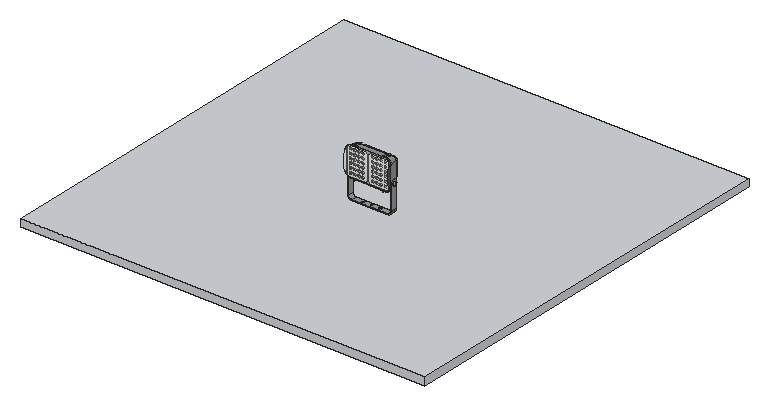
Revit family "HDL106N", category Lighting Fixtures, host Face, Revit 2014
Parameters (values of type "HDL106N")
  Wings = Paint - Hubbell - Light Silver
  Width = 280.00 mm
  Watts = 70 W
  Wattage Comments = "70w"
  Wattage = 27 W
  Warranty = "5 years Warranty"  # constant formula
  built-in parameter 1150110 = 1 (stored number, unit not read)
  Voltage = 120 V
  URL = "https://www.hubbell.com/chalmit/en"
  built-in parameter 1114217 = 1 (stored number, unit not read)
  Tilt Angle = 90.00°  # constant formula
  built-in parameter 1150109 = 1 (stored number, unit not read)
  built-in parameter 1150134 = 3
  built-in parameter 1150113 = 1 (stored number, unit not read)
  Reflector Finish = Hubbell - White Glass
  Product Link = "https://www.hubbell.com/chalmit/en/Products/Lighting-Controls/Harsh-Hazardous-Lighting/Flood-Lighting/HDL106N/p/2306549"
  Product Documentation Link = "https://hubbellcdn.com/specsheet/HDL106N_Zone1_Datasheet_V2.pdf"
  Power Factor = 1
  Photometric Web File = "CHL_HDL106N0xMxWx04.ies"
  Pendent Height [instance] = 97.00 mm
  built-in parameter 1150142 = "IESNA:LM-63-2002\r\n[TEST]WO-11063\r\n[TESTLAB]LUX-TSI\r\n[ISSUEDATE] 08/12/2017\r\n[TESTDATE] 07/12/2017\r\n[MANUFAC]Chalmit Lighting\r\n[LUMCAT]HDL106N0xMxWx04\r\n[LUMINAIRE]HDL106N Single Head 24 LED Medium Beam Floodlight, PC           \r\n[LAMP]LED\r\n[_LUMTYPE]Floodlight\r\n[_LAMPTYPE]LED\r\n[_LAMPMORE]Light Emitting Diodes, Cool White\r\n[_HAZRATING]Zone 1, Zone 21\r\n[_HAZPRO]Ex e mb, Ex tb, EC, IECEx\r\n[_ENVIRORATING]IP66, IP67\r\n[_AMBIENT]-20°C to +50°C (T4), -20°C to +59.5°C (T3), -20°C to +55°C (T3 LowVoltage)\r\n[_MOUNT]Surface, Stanchion, Stirrup, Spigot\r\n[_KEYWORDS]Column, Mast, Pole\r\n[_DRAWFILE]HDL106N1.dwg\r\nTILT=NONE\r\n1 -1 1 73 25 1 2 0.16 0.23 0.03\r\n1 1 27\r\n0 2.5 5 7.5 10 12.5 15 17.5 20 22.5 25 27.5 30 32.5 35 37.5 40 42.5 45 47.5 50 52.5 55 57.5 60 62.5 65 67.5 70 72.5 75 77.5 80 82.5 85 87.5 90 92.5 95 97.5 100 102.5 105 107.5 110 112.5 115 117.5 120 122.5 125 127.5 130 132.5 135 137.5 140 142.5 145 147.5\r\n 150 152.5 155 157.5 160 162.5 165 167.5 170 172.5 175 177.5 180\r\n0 15 30 45 60 75 90 105 120 135 150 165 180 195 210 225 240 255 270 285 300 315 330 345 360\r\n7167.00 7087.3999 6776.8999 6162.25 5434.2002 4594.9502 3688.3999 2894.8999 2244.6499 1685.60 1224.25 883.55 646.20 497.10 398.85 327.75 274.65 236.10 209.40 188.40 169.70 152.30 137.70 122.90 108.25 94.35 81.35 69.10 57.00 46.05 36.60 26.90 18.50 13.45 \r\n10.00 7.20 6.15 6.20 5.80 5.30 5.45 6.80 7.45 6.80 6.10 5.60 5.30 5.35 4.95 4.60 4.20 3.85 3.70 3.40 3.20 2.90 2.75 3.05 3.30 3.90 4.65 5.80 7.60 11.15 16.90 27.85 47.10 69.30 84.10 92.00 92.85 87.85 84.45\r\n7167.00 7099.5498 6780.25 6194.5498 5467.0498 4603.1001 3707.20 2919.55 2254.1001 1683.40 1226.80 895.00 657.90 503.20 398.45 327.40 274.05 236.20 208.80 187.35 169.30 152.55 137.30 121.90 108.60 95.05 82.40 70.35 58.20 47.20 37.50 28.35 19.40 13.40 9.80 \r\n7.50 6.40 5.90 5.80 5.95 5.75 6.10 6.25 5.95 5.80 5.65 5.35 5.05 4.75 4.45 4.10 3.70 3.45 3.25 3.10 2.80 2.90 3.15 3.35 3.70 4.50 5.80 7.90 11.25 17.05 27.70 46.30 69.05 84.45 92.35 93.05 88.00 84.45\r\n7167.00 7095.0498 6796.2002 6204.2998 5480.7002 4618.75 3704.1001 2907.80 2248.45 1688.15 1238.45 908.35 679.60 517.05 406.95 330.55 277.40 237.05 208.15 186.65 169.05 153.85 138.60 124.05 110.35 97.20 84.10 73.05 61.60 51.25 40.05 29.55 20.85 13.55 9.75 \r\n7.65 6.60 6.00 5.10 5.00 5.10 5.45 5.30 5.00 4.80 4.75 4.65 4.60 4.20 3.75 3.55 3.25 3.15 2.90 2.80 2.65 2.80 2.80 3.20 3.45 4.40 5.70 7.75 11.20 17.15 27.60 46.45 69.15 84.55 92.45 93.75 88.05 84.45\r\n7167.00 7091.25 6800.0498 6214.1499 5492.6001 4625.1499 3699.80 2904.05 2246.75 1687.00 1239.25 914.00 689.05 532.30 421.45 338.80 279.85 239.25 208.95 185.65 166.50 151.15 137.80 125.00 112.50 99.95 87.50 76.75 64.25 51.85 40.40 30.20 21.30 14.40 9.95 \r\n7.65 6.75 6.05 4.80 4.15 3.85 4.15 4.30 4.35 4.65 4.35 3.85 3.60 3.50 3.40 3.15 2.90 2.80 2.50 2.35 2.35 2.45 2.35 2.70 3.35 4.20 5.55 7.65 11.10 17.00 27.50 46.20 69.00 84.65 92.85 94.05 88.30 84.45\r\n7167.00 7092.00 6801.9502 6219.5498 5506.8999 4646.2002 3716.25 2914.70 2249.8501 1681.50 1228.10 900.10 676.25 520.75 412.65 336.40 281.35 241.35 211.25 187.65 168.20 151.85 137.65 124.45 111.80 100.10 88.05 75.05 62.45 51.65 41.75 29.75 21.15 14.30 9.40\r\n 7.50 6.80 6.15 4.80 3.90 3.55 3.50 3.40 3.55 3.85 3.50 3.25 3.20 2.85 2.65 2.55 2.35 2.15 2.00 1.90 1.90 2.00 2.10 2.50 3.10 4.10 5.40 7.60 11.20 16.80 27.30 45.90 69.15 84.75 93.00 94.50 88.80 84.45\r\n7167.00 7084.7002 6796.3501 6217.4502 5517.50 4665.50 3743.1001 2930.30 2254.3501 1679.15 1209.65 877.45 651.60 504.80 403.75 332.60 281.85 245.00 217.05 194.30 176.00 160.20 144.25 129.50 114.90 100.95 86.65 72.80 61.05 50.60 39.25 29.15 20.10 13.25 9.00\r\n 6.80 6.50 6.05 4.85 3.80 3.35 3.25 2.90 2.80 2.90 2.85 2.50 2.20 2.05 2.10 1.95 1.95 1.95 1.80 1.75 1.75 1.85 2.10 2.50 3.15 4.00 5.45 7.55 11.05 16.80 27.10 45.75 68.75 84.75 93.05 94.75 88.75 84.45\r\n7167.00 7075.2002 6779.8501 6206.1001 5512.8999 4672.50 3755.1499 2934.80 2250.80 1665.85 1194.40 859.85 640.80 498.00 400.50 333.00 284.80 249.25 222.15 200.50 182.85 166.75 150.80 135.55 120.25 105.65 89.65 74.60 61.95 50.85 38.60 28.40 19.50 12.85 8.70\r\n 6.85 6.35 5.85 4.90 3.85 3.30 3.10 2.80 2.60 2.75 2.85 2.50 2.15 1.95 1.80 1.90 2.00 1.95 1.80 1.70 1.75 1.80 2.05 2.40 3.00 3.95 5.45 7.50 10.95 16.75 27.00 45.35 68.50 84.50 92.95 94.55 88.20 84.45\r\n7167.00 7090.6499 6791.4502 6207.9502 5515.50 4683.50 3759.95 2944.80 2265.25 1684.65 1213.10 876.05 653.35 505.35 404.10 333.45 283.35 246.40 218.75 196.40 177.90 161.80 146.35 131.50 116.40 102.30 87.80 73.90 61.60 50.80 39.15 28.95 20.05 13.30 9.00 \r\n7.00 6.40 6.00 5.00 3.95 3.40 3.15 2.85 2.85 2.80 2.95 2.45 2.15 2.10 2.05 2.00 2.05 1.95 1.80 1.80 1.75 1.90 2.00 2.45 3.05 4.10 5.35 7.55 11.00 16.60 26.90 45.20 68.20 84.25 92.70 93.85 87.70 84.45\r\n7167.00 7082.7002 6776.1001 6188.6499 5487.6499 4642.5498 3733.25 2933.80 2272.50 1706.50 1243.20 909.15 679.40 524.05 414.35 337.20 281.80 242.25 212.50 189.40 170.40 153.80 139.85 126.00 112.40 100.25 88.00 75.00 63.20 52.30 42.80 31.10 21.90 14.75 \r\n10.00 7.35 6.70 5.95 4.80 3.75 3.40 3.40 3.15 3.40 3.60 3.55 3.10 2.95 2.80 2.70 2.50 2.35 2.15 2.05 1.85 1.90 1.85 2.05 2.55 3.10 4.05 5.50 7.60 11.00 16.55 26.75 45.00 67.95 83.95 92.30 93.25 87.35 84.45\r\n7167.00 7075.1001 6764.4502 6164.50 5466.25 4618.75 3708.50 2920.80 2267.6001 1712.55 1258.40 925.85 695.95 537.25 423.15 339.55 282.30 241.05 210.85 187.10 167.85 152.20 138.75 125.95 113.65 101.45 89.45 78.55 66.15 53.55 42.35 32.05 22.70 15.70 10.80 \r\n8.15 7.00 6.05 4.90 4.00 3.70 3.85 4.10 4.20 4.40 4.40 3.95 3.65 3.50 3.15 2.95 2.80 2.40 2.45 2.25 2.25 2.25 2.40 2.70 3.20 4.15 5.45 7.65 11.00 16.65 26.80 44.80 67.60 83.60 91.95 92.45 87.10 84.45\r\n7167.00 7074.6001 6753.25 6145.3999 5438.3999 4598.0498 3697.50 2917.00 2265.55 1709.95 1254.50 925.35 685.35 524.75 412.55 335.70 280.85 240.05 210.50 188.50 170.90 155.25 140.20 126.20 112.70 99.90 87.05 76.00 64.70 53.70 42.25 32.25 23.40 15.80 11.15 \r\n8.20 6.70 5.85 4.90 4.55 4.75 5.05 5.30 5.20 4.90 4.75 4.70 4.60 4.10 3.75 3.45 3.20 3.05 2.85 2.75 2.60 2.45 2.70 3.00 3.40 4.25 5.50 7.55 11.05 16.65 26.55 44.45 67.35 83.40 91.50 92.30 87.25 84.45\r\n7167.00 7063.4502 6723.3501 6110.75 5409.0498 4587.0498 3699.70 2920.80 2273.30 1714.50 1252.40 899.90 668.55 512.25 406.85 331.90 277.80 239.95 211.45 189.40 171.55 155.70 140.00 125.25 112.40 98.35 85.45 73.25 61.10 49.80 40.85 31.20 22.10 15.40 11.25 \r\n8.00 6.50 5.90 5.65 5.95 6.15 5.90 6.30 6.35 5.90 5.55 5.40 5.00 4.75 4.35 4.05 3.80 3.50 3.45 2.95 2.75 2.65 2.75 3.20 3.60 4.40 5.65 7.75 11.00 16.70 26.60 44.40 67.05 83.20 91.25 92.35 87.30 84.45\r\n7167.00 7037.6499 6695.00 6080.1499 5381.50 4563.5498 3692.8999 2927.1001 2280.1499 1713.95 1242.10 884.50 659.00 509.70 406.20 331.65 276.85 240.30 213.80 191.75 172.10 155.80 140.75 126.10 111.35 97.65 84.25 72.10 60.15 49.00 39.45 28.95 20.35 15.05 \r\n11.70 8.00 6.30 5.55 5.80 5.20 5.05 6.50 7.40 7.45 6.40 5.80 5.40 5.30 5.15 4.55 4.25 3.80 3.65 3.30 3.10 2.75 2.65 2.70 3.05 3.55 4.40 5.80 7.60 11.05 16.70 26.60 44.25 66.85 83.00 91.25 92.10 87.55 84.45\r\n7167.00 7030.8999 6684.6001 6056.3501 5358.2998 4543.5498 3675.75 2909.20 2270.50 1712.10 1250.40 895.20 664.45 513.35 407.05 332.60 277.00 239.25 212.10 190.20 172.05 155.40 139.70 125.20 111.75 97.60 84.60 72.65 60.70 49.60 40.45 30.30 21.80 15.35 11.50\r\n 8.20 6.60 5.80 5.90 6.15 5.85 6.40 6.60 6.25 6.10 5.85 5.55 5.15 4.85 4.45 4.20 3.85 3.50 3.25 2.95 2.70 2.55 2.60 3.10 3.65 4.45 5.70 7.80 11.05 16.70 26.65 44.30 66.75 82.90 91.15 92.05 87.30 84.45\r\n7167.00 7040.3501 6687.0498 6042.7002 5340.2002 4518.3999 3650.8501 2891.50 2264.6001 1717.45 1260.40 922.70 682.50 522.60 411.25 334.35 279.00 238.20 209.55 187.50 170.15 154.90 140.00 125.95 112.35 99.25 86.50 74.90 64.30 53.30 42.85 32.70 23.75 16.00 \r\n11.10 8.35 6.85 6.00 5.40 5.35 5.60 5.85 5.70 5.05 5.00 5.05 4.95 4.55 4.10 3.80 3.60 3.35 3.10 2.80 2.65 2.50 2.35 2.50 2.80 3.40 4.25 5.55 7.75 11.05 16.70 26.55 44.25 66.85 82.75 91.10 92.40 87.35 84.45\r\n7167.00 7019.3501 6661.7998 6024.0498 5314.8501 4492.2998 3621.3501 2868.75 2244.95 1707.75 1260.20 927.95 694.75 533.80 418.10 336.65 280.20 239.30 209.35 185.70 167.20 152.10 138.80 125.40 112.65 101.00 89.70 78.55 67.20 55.95 44.00 32.70 23.80 16.25 \r\n11.00 8.35 7.10 6.25 5.00 4.30 4.25 4.35 4.40 4.65 4.75 4.25 3.95 3.80 3.55 3.25 3.00 2.70 2.30 2.10 2.00 2.10 2.15 2.25 2.65 3.10 4.10 5.50 7.60 11.00 16.75 26.75 44.25 66.90 82.90 91.35 92.55 87.35 84.45\r\n7167.00 7016.9502 6654.2002 6014.25 5304.25 4476.75 3605.05 2851.6499 2227.95 1690.05 1241.15 911.30 679.80 522.35 413.30 336.05 280.45 240.30 209.90 187.20 168.70 152.65 138.55 125.55 113.15 101.15 89.45 79.15 66.75 55.30 44.85 33.00 23.25 16.00 10.40 \r\n8.00 7.05 6.40 5.00 4.10 3.70 3.80 3.70 3.75 3.75 3.50 3.15 2.85 2.40 2.45 2.40 2.20 2.00 1.85 1.80 1.80 1.90 2.15 2.30 3.15 4.05 5.55 7.60 11.15 16.80 26.70 44.60 67.05 82.95 91.35 93.05 87.70 84.45\r\n7167.00 7021.3999 6659.4502 6012.9502 5302.2002 4475.7002 3599.1499 2842.50 2215.3501 1668.35 1215.55 883.00 656.70 508.80 406.20 334.10 282.65 245.15 217.00 194.85 176.40 160.70 146.55 131.45 117.50 103.55 91.45 77.35 64.45 53.10 42.30 31.25 22.20 14.40 \r\n9.70 7.35 6.85 6.40 5.15 3.95 3.40 3.10 2.85 2.75 2.70 2.65 2.45 2.10 2.00 1.95 1.95 1.85 1.80 1.85 1.70 1.80 1.95 1.95 2.45 3.10 4.00 5.45 7.65 11.10 16.90 26.80 44.70 67.25 83.05 91.60 93.30 87.90 84.45\r\n7167.00 7019.3501 6661.0498 6014.9502 5299.2998 4482.00 3604.8999 2842.6499 2206.1001 1652.40 1194.55 866.40 646.40 502.20 404.15 335.50 285.55 249.55 222.65 201.15 183.75 168.50 153.50 138.60 122.90 108.65 94.85 79.40 66.05 54.40 42.90 30.45 21.15 13.65 \r\n9.15 7.20 6.85 6.45 5.10 4.05 3.30 2.90 2.60 2.45 2.50 2.45 2.35 1.95 1.95 1.85 1.85 1.85 1.90 1.80 1.95 1.75 1.90 2.00 2.50 3.10 4.05 5.50 7.70 11.25 16.85 26.85 44.75 67.50 83.25 91.55 93.35 87.40 84.45\r\n7167.00 7040.25 6685.0498 6039.3999 5318.2998 4489.75 3601.6499 2834.00 2198.6499 1654.05 1204.10 874.05 652.20 505.30 404.60 333.75 282.35 245.05 217.25 195.60 177.90 162.05 147.40 133.20 118.20 103.90 91.30 76.55 63.75 52.60 41.85 30.55 21.45 13.85 9.25\r\n 7.15 7.05 6.35 5.05 4.00 3.45 3.05 2.55 2.50 2.70 2.55 2.35 2.00 1.95 1.90 1.85 1.90 1.85 1.70 1.70 1.65 1.80 2.00 2.45 3.10 4.10 5.50 7.70 11.20 16.95 26.95 44.95 67.55 83.35 91.75 92.95 87.00 84.45\r\n7167.00 7056.50 6713.7998 6061.6499 5335.6499 4494.9502 3598.1001 2829.75 2206.30 1665.15 1219.75 895.30 670.25 517.00 409.45 333.65 279.60 240.00 210.15 187.15 168.40 151.95 137.50 124.40 111.65 99.90 88.70 77.60 64.50 53.10 43.40 31.75 22.20 14.75 9.75 \r\n7.50 7.10 6.25 4.95 4.10 3.80 3.80 3.60 3.50 3.40 3.40 3.15 2.95 2.65 2.60 2.50 2.25 2.00 1.95 1.85 1.90 2.00 2.15 2.50 3.10 4.15 5.45 7.70 11.25 16.95 27.10 45.15 67.85 83.55 91.65 92.65 86.90 84.45\r\n7167.00 7068.5498 6729.4502 6089.3501 5357.8999 4511.6499 3608.3999 2840.50 2214.70 1677.95 1237.60 913.60 687.10 530.60 419.90 337.30 278.50 237.05 206.85 183.85 164.80 149.20 135.65 123.55 111.10 99.40 87.95 76.55 66.40 54.05 42.25 31.40 22.20 14.80 \r\n10.00 7.90 7.05 6.35 5.00 4.25 4.25 4.50 4.40 4.55 4.45 4.05 3.70 3.55 3.40 3.30 3.15 2.90 2.60 2.45 2.25 2.30 2.35 2.40 2.70 3.25 4.15 5.60 7.85 11.30 17.00 27.25 45.30 67.95 83.70 91.65 92.25 86.90 84.45\r\n7167.00 7097.9502 6762.75 6131.7998 5402.5498 4545.3999 3637.25 2858.8999 2220.6499 1680.15 1239.70 909.95 685.60 519.60 408.90 330.30 275.90 235.85 206.30 184.80 167.40 152.10 137.55 123.15 109.80 97.00 84.20 73.25 62.65 51.35 41.20 30.55 21.75 13.95 \r\n9.80 7.75 6.75 6.05 5.35 5.40 5.40 5.55 5.35 4.95 4.75 4.85 4.70 4.50 4.05 3.75 3.55 3.35 3.00 2.95 2.80 2.65 2.75 2.80 2.95 3.50 4.40 5.70 7.80 11.30 17.10 27.40 45.55 68.15 83.80 91.75 92.30 87.20 84.45\r\n7167.00 7104.6499 6780.9502 6154.7002 5436.2002 4583.1001 3672.30 2890.00 2243.70 1690.40 1228.25 899.70 657.65 504.55 401.35 328.80 274.45 234.95 207.80 186.85 168.80 152.05 137.00 121.75 107.95 94.65 81.90 70.10 58.35 47.30 38.00 28.95 20.05 13.45 9.85 \r\n7.35 6.45 6.30 6.20 6.30 5.75 6.15 6.45 6.10 5.80 5.65 5.25 5.15 4.85 4.40 4.05 3.60 3.40 3.20 3.00 2.90 2.80 2.95 3.25 3.70 4.45 5.80 7.95 11.25 17.15 27.40 45.60 68.40 84.05 91.85 92.70 87.40 84.45\r\n7167.00 7101.7998 6789.6499 6171.6499 5451.3501 4606.4502 3684.50 2901.55 2252.95 1690.70 1225.90 882.55 647.25 497.50 399.55 327.35 274.50 235.75 209.50 188.70 170.05 152.55 137.55 122.70 108.05 94.35 81.50 69.35 57.45 46.30 36.40 26.60 18.25 13.35 10.00\r\n 7.20 5.95 6.20 5.65 5.25 5.50 6.75 7.50 6.95 5.95 5.50 5.35 5.30 4.85 4.50 4.20 3.80 3.50 3.35 3.10 2.80 2.70 2.95 3.20 3.70 4.55 5.95 7.75 11.20 17.10 27.50 45.70 68.45 84.30 92.10 92.85 88.00 84.45\r\n"
  Mounting = Paint - Hubbell - Light Silver
  Model = "HDL106N"
  Manufacturer = "Chalmit"  # constant formula
  built-in parameter 1150105 = 214.86 (stored number, unit not read)
  Lumens = 2700 lm
  built-in parameter 1150115 = 1 (stored number, unit not read)
  Load Classification = Lighting
  built-in parameter 1150137 = (empty or 0)
  built-in parameter 1150139 = (empty or 0)
  Length = 265.00 mm
  built-in parameter 1150112 = 1 (stored number, unit not read)
  built-in parameter 1150114 = 1 (stored number, unit not read)
  Lamp = "LED"  # constant formula
  built-in parameter 1150132 = (empty or 0)
  built-in parameter 1150102 = (empty or 0)
  built-in parameter 1150107 = 3200 (stored number, unit not read)
  built-in parameter 1150138 = (empty or 0)
  built-in parameter 1150106 = 2.1486 (stored number, unit not read)
  IP Rating = "IP66/67"  # constant formula
  Housing Material = Paint - Hubbell - Light Silver
  Glass = Hubbell - Glass
  Fixture distribution = "Direct"  # constant formula
  Features = "Instant on crisp white light output 80,000 maintenance free hours at 25°\r\nHighly Energy Efficient Lower power consumption than HID lamps\r\nModular design allowing up to four interlinked\r\nluminaires, each providing a delivered output > 5500lm Lightweight (6kg per module) lighting solution\r\n>150,000 maintenance free hours at 25°C (L70)"  # constant formula
  Emit from Rectangle Width = 250.00 mm  # constant formula
  Emit from Rectangle Length = 180.00 mm  # constant formula
  Emit Shape Visible in Rendering = no
  built-in parameter 1150104 = 9.2903 (stored number, unit not read)
  Height = 535.00 mm
  Dimming Lamp Color Temperature Shift = <None>
  Description = "The HDL106N is a lightweight and compact Zone 1 floodlight which can\r\nbe interlinked to provide an effective LED alternative to traditional HID\r\nfloodlights, up to 250W."  # constant formula
  Default Elevation = 1219.20 mm
  Copyright = " ©2020 Chalmit, a division of Hubbell Lighting, Inc"  # constant formula
  Contact = "https://www.hubbell.com/chalmit/en/contactUs"
  Connector Description = "Lighting Connector"  # constant formula
  Color Filter = 16777215
  built-in parameter 1114218 = 1 (stored number, unit not read)
  built-in parameter 1150133 = 10 (stored number, unit not read)
  Assembly Code = "D5020200"
  Apparent Load = Watts / Power Factor  # 70 VA
Reference planes
  plane 1 "Center (Front/Back)": y = 0
  plane 2: z = 14.125
  plane 3 "Center (Left/Right)": x = 0
  plane 4: z = -150.375
  plane 5: x = 132.5
  plane 6: x = -132.5
  plane 7: z = 189.125
  plane 8: y = 107.5
  plane 9: y = -107.5
  plane 10: z = 320.125
  plane 11: z = 140.125
  plane 12: z = 189.125
Forms (mm)
  Extrusion 1, solid
    sketch origin (0, 0, 0) x (1, 0, 0) y (0, 1, 0)
      loop
        line (-1219.2, 1219.2) -> (-1219.2, -1219.2) -> (1219.2, -1219.2) -> (1219.2, 1219.2) -> (-1219.2, 1219.2)
    from 14.125 to -31.75
  Sweep 2, solid, material "Paint - Hubbell - Light Silver" <- "Housing Material"
    path origin (0, 0, 0) x (1, 0, 0) y (0, 0, 1)
      loop
        line (-132.5, 204.125) -> (-132.5, 39.125)
        arc (-132.5, 39.125) -> (-125.178, 21.447) -> (-107.5, 14.125) r 25
        line (-107.5, 14.125) -> (0, 14.125) -> (107.5, 14.125)
        arc (107.5, 14.125) -> (125.178, 21.447) -> (132.5, 39.125) r 25
        line (132.5, 39.125) -> (132.5, 204.125)
    profile origin (-132.5, 0, 121.625) x (0, -1, 0) y (1, 0, 0)
      loop
        line (95, 0) -> (108.75, 0) -> (108.75, 3.75) -> (78.75, 3.75) -> (78.75, 0) -> (95, 0)
  Extrusion 3, void
    sketch origin (0, -96.25, 0) x (1, 0, 0) y (0, 1, 0)
      loop
        circle (0, 2.5) r 6.5
      loop
        circle (50, 2.5) r 6.5
      loop
        circle (-50, 2.5) r 6.5
    from 14.125 to 17.875
  Revolve 4, solid, material "Paint - Hubbell - Light Silver" <- "Housing Material"
    sketch origin (0, 0, 185) x (1, 0, 0) y (0, 1, 0)
      loop
        line (-132.5, -95) -> (-132.5, -85) -> (-138.655, -85)
        arc (-138.655, -85) -> (-141.374, -86.126) -> (-142.5, -88.845) r 3.845
        line (-142.5, -88.845) -> (-142.5, -95) -> (-132.5, -95)
      axis (-132.5, -95) -> (-142.5, -95)
    angle from 0 to 360
  Revolve 5, solid, material "Paint - Hubbell - Light Silver" <- "Housing Material"
    sketch origin (0, 0, 185) x (-1, 0, 0) y (0, -1, 0)
      loop
        line (-132.5, 95) -> (-142.5, 95) -> (-142.5, 88.845)
        arc (-142.5, 88.845) -> (-141.374, 86.126) -> (-138.655, 85) r 3.845
        line (-138.655, 85) -> (-132.5, 85) -> (-132.5, 95)
      axis (-132.5, 95) -> (-142.5, 95)
    angle from 0 to 360
  Blend 6, solid, material "Paint - Hubbell - Light Silver" <- "Housing Material"
    base sketch origin (0, 0, 0) x (1, 0, 0) y (0, 0, 1)
      loop
        arc (-102.5, 320.125) -> (-123.713, 311.338) -> (-132.5, 290.125) r 30
        line (-132.5, 290.125) -> (-132.5, 170.125)
        arc (-132.5, 170.125) -> (-123.713, 148.912) -> (-102.5, 140.125) r 30
        line (-102.5, 140.125) -> (102.5, 140.125)
        arc (102.5, 140.125) -> (123.713, 148.912) -> (132.5, 170.125) r 30
        line (132.5, 170.125) -> (132.5, 290.125)
        arc (132.5, 290.125) -> (123.713, 311.338) -> (102.5, 320.125) r 30
        line (102.5, 320.125) -> (-102.5, 320.125)
    top sketch origin (0, 0, 0) x (1, 0, 0) y (0, 0, 1)
      loop
        line (102.5, 310.125) -> (-102.5, 310.125)
        arc (-102.5, 310.125) -> (-116.642, 304.267) -> (-122.5, 290.125) r 20
        line (-122.5, 290.125) -> (-122.5, 170.125)
        arc (-122.5, 170.125) -> (-116.642, 155.983) -> (-102.5, 150.125) r 20
        line (-102.5, 150.125) -> (102.5, 150.125)
        arc (102.5, 150.125) -> (116.642, 155.983) -> (122.5, 170.125) r 20
        line (122.5, 170.125) -> (122.5, 290.125)
        arc (122.5, 290.125) -> (116.642, 304.267) -> (102.5, 310.125) r 20
    from 116.522 to 69.508
  Blend 7, solid, material "Paint - Hubbell - Light Silver" <- "Housing Material"
    base sketch origin (0, 0, 0) x (1, 0, 0) y (0, 0, 1)
      loop
        line (102.5, 300.125) -> (-102.5, 300.125)
        arc (-102.5, 300.125) -> (-109.571, 297.196) -> (-112.5, 290.125) r 10
        line (-112.5, 290.125) -> (-112.5, 170.125)
        arc (-112.5, 170.125) -> (-109.571, 163.054) -> (-102.5, 160.125) r 10
        line (-102.5, 160.125) -> (102.5, 160.125)
        arc (102.5, 160.125) -> (109.571, 163.054) -> (112.5, 170.125) r 10
        line (112.5, 170.125) -> (112.5, 290.125)
        arc (112.5, 290.125) -> (109.571, 297.196) -> (102.5, 300.125) r 10
    top sketch origin (0, 0, 0) x (1, 0, 0) y (0, 0, 1)
      loop
        line (82.5, 290.125) -> (-82.5, 290.125)
        arc (-82.5, 290.125) -> (-96.642, 284.267) -> (-102.5, 270.125) r 20
        line (-102.5, 270.125) -> (-102.5, 190.125)
        arc (-102.5, 190.125) -> (-96.642, 175.983) -> (-82.5, 170.125) r 20
        line (-82.5, 170.125) -> (82.5, 170.125)
        arc (82.5, 170.125) -> (96.642, 175.983) -> (102.5, 190.125) r 20
        line (102.5, 190.125) -> (102.5, 270.125)
        arc (102.5, 270.125) -> (96.642, 284.267) -> (82.5, 290.125) r 20
    from 69.508 to 34.851
  Extrusion 8, solid, material "Hubbell - Glass"
    sketch origin (0, 0, 0) x (0, 1, 0) y (0, 0, 1)
      loop
        line (-116.522, 140.125) -> (-116.522, 320.125)
        arc (-116.522, 320.125) -> (-141.213, 230.125) -> (-116.522, 140.125) r 176.374
    from -153.436 to 153.193
  Extrusion 9, void
    sketch origin (0, 0, 0) x (1, 0, 0) y (0, 0, 1)
      loop
        line (-187.067, 332.164) -> (-187.067, 106.696) -> (177.933, 106.696) -> (177.933, 332.164) -> (-187.067, 332.164)
      loop
        arc (-102.5, 320.125) -> (-123.713, 311.338) -> (-132.5, 290.125) r 30
        line (-132.5, 290.125) -> (-132.5, 170.125)
        arc (-132.5, 170.125) -> (-123.713, 148.912) -> (-102.5, 140.125) r 30
        line (-102.5, 140.125) -> (102.5, 140.125)
        arc (102.5, 140.125) -> (123.713, 148.912) -> (132.5, 170.125) r 30
        line (132.5, 170.125) -> (132.5, 290.125)
        arc (132.5, 290.125) -> (123.713, 311.338) -> (102.5, 320.125) r 30
        line (102.5, 320.125) -> (-102.5, 320.125)
    from 116.522 to 149.996
  Extrusion 10, solid, material "Hubbell - White Glass" <- "Reflector Finish"
    sketch origin (0, 0, 0) x (1, 0, 0) y (0, 0, 1)
      loop
        line (-113.713, 315.088) -> (-126.213, 302.588) -> (-126.213, 156.338) -> (-114.963, 145.088) -> (-14.963, 145.088) -> (-3.713, 156.338) -> (-3.713, 302.588) -> (-16.213, 315.088) -> (-113.713, 315.088)
      loop
        line (113.713, 315.088) -> (16.213, 315.088) -> (3.713, 302.588) -> (3.713, 156.338) -> (14.963, 145.088) -> (114.963, 145.088) -> (126.213, 156.338) -> (126.213, 302.588) -> (113.713, 315.088)
    from 116.522 to 120.172
  Blend 11, void
    base sketch origin (20, 0, -78.75) x (1, 0, 0) y (0, 0, 1)
      loop
        line (-103.625, 304.265) -> (-105.701, 302.189) -> (-105.701, 294.804) -> (-103.625, 292.728) -> (-96.24, 292.728) -> (-94.164, 294.804) -> (-94.164, 302.189) -> (-96.24, 304.265) -> (-103.625, 304.265)
    top sketch origin (20, 0, -78.75) x (1, 0, 0) y (0, 0, 1)
      loop
        line (-108.432, 293.978) -> (-104.969, 290.515) -> (-94.895, 290.515) -> (-91.432, 293.978) -> (-91.432, 304.052) -> (-94.895, 307.515) -> (-104.969, 307.515) -> (-108.432, 304.052) -> (-108.432, 293.978)
    from 117.709 to 120.172
  Blend 12, void
    base sketch origin (45, 0, -78.75) x (1, 0, 0) y (0, 0, 1)
      loop
        line (-103.625, 304.265) -> (-105.701, 302.189) -> (-105.701, 294.804) -> (-103.625, 292.728) -> (-96.24, 292.728) -> (-94.164, 294.804) -> (-94.164, 302.189) -> (-96.24, 304.265) -> (-103.625, 304.265)
    top sketch origin (45, 0, -78.75) x (1, 0, 0) y (0, 0, 1)
      loop
        line (-108.432, 293.978) -> (-104.969, 290.515) -> (-94.895, 290.515) -> (-91.432, 293.978) -> (-91.432, 304.052) -> (-94.895, 307.515) -> (-104.969, 307.515) -> (-108.432, 304.052) -> (-108.432, 293.978)
    from 117.709 to 120.172
  Blend 13, void
    base sketch origin (70, 0, -78.75) x (1, 0, 0) y (0, 0, 1)
      loop
        line (-103.625, 304.265) -> (-105.701, 302.189) -> (-105.701, 294.804) -> (-103.625, 292.728) -> (-96.24, 292.728) -> (-94.164, 294.804) -> (-94.164, 302.189) -> (-96.24, 304.265) -> (-103.625, 304.265)
    top sketch origin (70, 0, -78.75) x (1, 0, 0) y (0, 0, 1)
      loop
        line (-108.432, 293.978) -> (-104.969, 290.515) -> (-94.895, 290.515) -> (-91.432, 293.978) -> (-91.432, 304.052) -> (-94.895, 307.515) -> (-104.969, 307.515) -> (-108.432, 304.052) -> (-108.432, 293.978)
    from 117.709 to 120.172
  Blend 14, void
    base sketch origin (-5, 0, -78.75) x (1, 0, 0) y (0, 0, 1)
      loop
        line (-103.625, 304.265) -> (-105.701, 302.189) -> (-105.701, 294.804) -> (-103.625, 292.728) -> (-96.24, 292.728) -> (-94.164, 294.804) -> (-94.164, 302.189) -> (-96.24, 304.265) -> (-103.625, 304.265)
    top sketch origin (-5, 0, -78.75) x (1, 0, 0) y (0, 0, 1)
      loop
        line (-108.432, 293.978) -> (-104.969, 290.515) -> (-94.895, 290.515) -> (-91.432, 293.978) -> (-91.432, 304.052) -> (-94.895, 307.515) -> (-104.969, 307.515) -> (-108.432, 304.052) -> (-108.432, 293.978)
    from 117.709 to 120.172
  Blend 15, void
    base sketch origin (20, 0, -105) x (1, 0, 0) y (0, 0, 1)
      loop
        line (-103.625, 304.265) -> (-105.701, 302.189) -> (-105.701, 294.804) -> (-103.625, 292.728) -> (-96.24, 292.728) -> (-94.164, 294.804) -> (-94.164, 302.189) -> (-96.24, 304.265) -> (-103.625, 304.265)
    top sketch origin (20, 0, -105) x (1, 0, 0) y (0, 0, 1)
      loop
        line (-108.432, 293.978) -> (-104.969, 290.515) -> (-94.895, 290.515) -> (-91.432, 293.978) -> (-91.432, 304.052) -> (-94.895, 307.515) -> (-104.969, 307.515) -> (-108.432, 304.052) -> (-108.432, 293.978)
    from 117.709 to 120.172
  Blend 16, void
    base sketch origin (45, 0, -105) x (1, 0, 0) y (0, 0, 1)
      loop
        line (-103.625, 304.265) -> (-105.701, 302.189) -> (-105.701, 294.804) -> (-103.625, 292.728) -> (-96.24, 292.728) -> (-94.164, 294.804) -> (-94.164, 302.189) -> (-96.24, 304.265) -> (-103.625, 304.265)
    top sketch origin (45, 0, -105) x (1, 0, 0) y (0, 0, 1)
      loop
        line (-108.432, 293.978) -> (-104.969, 290.515) -> (-94.895, 290.515) -> (-91.432, 293.978) -> (-91.432, 304.052) -> (-94.895, 307.515) -> (-104.969, 307.515) -> (-108.432, 304.052) -> (-108.432, 293.978)
    from 117.709 to 120.172
  Blend 17, void
    base sketch origin (70, 0, -105) x (1, 0, 0) y (0, 0, 1)
      loop
        line (-103.625, 304.265) -> (-105.701, 302.189) -> (-105.701, 294.804) -> (-103.625, 292.728) -> (-96.24, 292.728) -> (-94.164, 294.804) -> (-94.164, 302.189) -> (-96.24, 304.265) -> (-103.625, 304.265)
    top sketch origin (70, 0, -105) x (1, 0, 0) y (0, 0, 1)
      loop
        line (-108.432, 293.978) -> (-104.969, 290.515) -> (-94.895, 290.515) -> (-91.432, 293.978) -> (-91.432, 304.052) -> (-94.895, 307.515) -> (-104.969, 307.515) -> (-108.432, 304.052) -> (-108.432, 293.978)
    from 117.709 to 120.172
  Blend 18, void
    base sketch origin (-5, 0, -105) x (1, 0, 0) y (0, 0, 1)
      loop
        line (-103.625, 304.265) -> (-105.701, 302.189) -> (-105.701, 294.804) -> (-103.625, 292.728) -> (-96.24, 292.728) -> (-94.164, 294.804) -> (-94.164, 302.189) -> (-96.24, 304.265) -> (-103.625, 304.265)
    top sketch origin (-5, 0, -105) x (1, 0, 0) y (0, 0, 1)
      loop
        line (-108.432, 293.978) -> (-104.969, 290.515) -> (-94.895, 290.515) -> (-91.432, 293.978) -> (-91.432, 304.052) -> (-94.895, 307.515) -> (-104.969, 307.515) -> (-108.432, 304.052) -> (-108.432, 293.978)
    from 117.709 to 120.172
  Blend 19, void
    base sketch origin (20, 0, -132.5) x (1, 0, 0) y (0, 0, 1)
      loop
        line (-103.625, 304.265) -> (-105.701, 302.189) -> (-105.701, 294.804) -> (-103.625, 292.728) -> (-96.24, 292.728) -> (-94.164, 294.804) -> (-94.164, 302.189) -> (-96.24, 304.265) -> (-103.625, 304.265)
    top sketch origin (20, 0, -132.5) x (1, 0, 0) y (0, 0, 1)
      loop
        line (-108.432, 293.978) -> (-104.969, 290.515) -> (-94.895, 290.515) -> (-91.432, 293.978) -> (-91.432, 304.052) -> (-94.895, 307.515) -> (-104.969, 307.515) -> (-108.432, 304.052) -> (-108.432, 293.978)
    from 117.709 to 120.172
  Blend 20, void
    base sketch origin (45, 0, -132.5) x (1, 0, 0) y (0, 0, 1)
      loop
        line (-103.625, 304.265) -> (-105.701, 302.189) -> (-105.701, 294.804) -> (-103.625, 292.728) -> (-96.24, 292.728) -> (-94.164, 294.804) -> (-94.164, 302.189) -> (-96.24, 304.265) -> (-103.625, 304.265)
    top sketch origin (45, 0, -132.5) x (1, 0, 0) y (0, 0, 1)
      loop
        line (-108.432, 293.978) -> (-104.969, 290.515) -> (-94.895, 290.515) -> (-91.432, 293.978) -> (-91.432, 304.052) -> (-94.895, 307.515) -> (-104.969, 307.515) -> (-108.432, 304.052) -> (-108.432, 293.978)
    from 117.709 to 120.172
  Blend 21, void
    base sketch origin (70, 0, -132.5) x (1, 0, 0) y (0, 0, 1)
      loop
        line (-103.625, 304.265) -> (-105.701, 302.189) -> (-105.701, 294.804) -> (-103.625, 292.728) -> (-96.24, 292.728) -> (-94.164, 294.804) -> (-94.164, 302.189) -> (-96.24, 304.265) -> (-103.625, 304.265)
    top sketch origin (70, 0, -132.5) x (1, 0, 0) y (0, 0, 1)
      loop
        line (-108.432, 293.978) -> (-104.969, 290.515) -> (-94.895, 290.515) -> (-91.432, 293.978) -> (-91.432, 304.052) -> (-94.895, 307.515) -> (-104.969, 307.515) -> (-108.432, 304.052) -> (-108.432, 293.978)
    from 117.709 to 120.172
  Blend 22, void
    base sketch origin (-5, 0, -132.5) x (1, 0, 0) y (0, 0, 1)
      loop
        line (-103.625, 304.265) -> (-105.701, 302.189) -> (-105.701, 294.804) -> (-103.625, 292.728) -> (-96.24, 292.728) -> (-94.164, 294.804) -> (-94.164, 302.189) -> (-96.24, 304.265) -> (-103.625, 304.265)
    top sketch origin (-5, 0, -132.5) x (1, 0, 0) y (0, 0, 1)
      loop
        line (-108.432, 293.978) -> (-104.969, 290.515) -> (-94.895, 290.515) -> (-91.432, 293.978) -> (-91.432, 304.052) -> (-94.895, 307.515) -> (-104.969, 307.515) -> (-108.432, 304.052) -> (-108.432, 293.978)
    from 117.709 to 120.172
  Blend 23, void
    base sketch origin (20, 0, 543.926) x (1, 0, 0) y (0, 0, 1)
      loop
        line (-103.625, -304.265) -> (-96.24, -304.265) -> (-94.164, -302.189) -> (-94.164, -294.804) -> (-96.24, -292.728) -> (-103.625, -292.728) -> (-105.701, -294.804) -> (-105.701, -302.189) -> (-103.625, -304.265)
    top sketch origin (20, 0, 543.926) x (1, 0, 0) y (0, 0, 1)
      loop
        line (-108.432, -293.978) -> (-108.432, -304.052) -> (-104.969, -307.515) -> (-94.895, -307.515) -> (-91.432, -304.052) -> (-91.432, -293.978) -> (-94.895, -290.515) -> (-104.969, -290.515) -> (-108.432, -293.978)
    from 117.709 to 120.172
  Blend 24, void
    base sketch origin (45, 0, 543.926) x (1, 0, 0) y (0, 0, 1)
      loop
        line (-103.625, -304.265) -> (-96.24, -304.265) -> (-94.164, -302.189) -> (-94.164, -294.804) -> (-96.24, -292.728) -> (-103.625, -292.728) -> (-105.701, -294.804) -> (-105.701, -302.189) -> (-103.625, -304.265)
    top sketch origin (45, 0, 543.926) x (1, 0, 0) y (0, 0, 1)
      loop
        line (-108.432, -293.978) -> (-108.432, -304.052) -> (-104.969, -307.515) -> (-94.895, -307.515) -> (-91.432, -304.052) -> (-91.432, -293.978) -> (-94.895, -290.515) -> (-104.969, -290.515) -> (-108.432, -293.978)
    from 117.709 to 120.172
  Blend 25, void
    base sketch origin (70, 0, 543.926) x (1, 0, 0) y (0, 0, 1)
      loop
        line (-103.625, -304.265) -> (-96.24, -304.265) -> (-94.164, -302.189) -> (-94.164, -294.804) -> (-96.24, -292.728) -> (-103.625, -292.728) -> (-105.701, -294.804) -> (-105.701, -302.189) -> (-103.625, -304.265)
    top sketch origin (70, 0, 543.926) x (1, 0, 0) y (0, 0, 1)
      loop
        line (-108.432, -293.978) -> (-108.432, -304.052) -> (-104.969, -307.515) -> (-94.895, -307.515) -> (-91.432, -304.052) -> (-91.432, -293.978) -> (-94.895, -290.515) -> (-104.969, -290.515) -> (-108.432, -293.978)
    from 117.709 to 120.172
  Blend 26, void
    base sketch origin (-5, 0, 543.926) x (1, 0, 0) y (0, 0, 1)
      loop
        line (-103.625, -304.265) -> (-96.24, -304.265) -> (-94.164, -302.189) -> (-94.164, -294.804) -> (-96.24, -292.728) -> (-103.625, -292.728) -> (-105.701, -294.804) -> (-105.701, -302.189) -> (-103.625, -304.265)
    top sketch origin (-5, 0, 543.926) x (1, 0, 0) y (0, 0, 1)
      loop
        line (-108.432, -293.978) -> (-108.432, -304.052) -> (-104.969, -307.515) -> (-94.895, -307.515) -> (-91.432, -304.052) -> (-91.432, -293.978) -> (-94.895, -290.515) -> (-104.969, -290.515) -> (-108.432, -293.978)
    from 117.709 to 120.172
  Blend 27, void
    base sketch origin (20, 0, 570.176) x (1, 0, 0) y (0, 0, 1)
      loop
        line (-103.625, -304.265) -> (-96.24, -304.265) -> (-94.164, -302.189) -> (-94.164, -294.804) -> (-96.24, -292.728) -> (-103.625, -292.728) -> (-105.701, -294.804) -> (-105.701, -302.189) -> (-103.625, -304.265)
    top sketch origin (20, 0, 570.176) x (1, 0, 0) y (0, 0, 1)
      loop
        line (-108.432, -293.978) -> (-108.432, -304.052) -> (-104.969, -307.515) -> (-94.895, -307.515) -> (-91.432, -304.052) -> (-91.432, -293.978) -> (-94.895, -290.515) -> (-104.969, -290.515) -> (-108.432, -293.978)
    from 117.709 to 120.172
  Blend 28, void
    base sketch origin (45, 0, 570.176) x (1, 0, 0) y (0, 0, 1)
      loop
        line (-103.625, -304.265) -> (-96.24, -304.265) -> (-94.164, -302.189) -> (-94.164, -294.804) -> (-96.24, -292.728) -> (-103.625, -292.728) -> (-105.701, -294.804) -> (-105.701, -302.189) -> (-103.625, -304.265)
    top sketch origin (45, 0, 570.176) x (1, 0, 0) y (0, 0, 1)
      loop
        line (-108.432, -293.978) -> (-108.432, -304.052) -> (-104.969, -307.515) -> (-94.895, -307.515) -> (-91.432, -304.052) -> (-91.432, -293.978) -> (-94.895, -290.515) -> (-104.969, -290.515) -> (-108.432, -293.978)
    from 117.709 to 120.172
  Blend 29, void
    base sketch origin (70, 0, 570.176) x (1, 0, 0) y (0, 0, 1)
      loop
        line (-103.625, -304.265) -> (-96.24, -304.265) -> (-94.164, -302.189) -> (-94.164, -294.804) -> (-96.24, -292.728) -> (-103.625, -292.728) -> (-105.701, -294.804) -> (-105.701, -302.189) -> (-103.625, -304.265)
    top sketch origin (70, 0, 570.176) x (1, 0, 0) y (0, 0, 1)
      loop
        line (-108.432, -293.978) -> (-108.432, -304.052) -> (-104.969, -307.515) -> (-94.895, -307.515) -> (-91.432, -304.052) -> (-91.432, -293.978) -> (-94.895, -290.515) -> (-104.969, -290.515) -> (-108.432, -293.978)
    from 117.709 to 120.172
  Blend 30, void
    base sketch origin (-5, 0, 570.176) x (1, 0, 0) y (0, 0, 1)
      loop
        line (-103.625, -304.265) -> (-96.24, -304.265) -> (-94.164, -302.189) -> (-94.164, -294.804) -> (-96.24, -292.728) -> (-103.625, -292.728) -> (-105.701, -294.804) -> (-105.701, -302.189) -> (-103.625, -304.265)
    top sketch origin (-5, 0, 570.176) x (1, 0, 0) y (0, 0, 1)
      loop
        line (-108.432, -293.978) -> (-108.432, -304.052) -> (-104.969, -307.515) -> (-94.895, -307.515) -> (-91.432, -304.052) -> (-91.432, -293.978) -> (-94.895, -290.515) -> (-104.969, -290.515) -> (-108.432, -293.978)
    from 117.709 to 120.172
  Blend 31, void
    base sketch origin (20, 0, 597.676) x (1, 0, 0) y (0, 0, 1)
      loop
        line (-103.625, -304.265) -> (-96.24, -304.265) -> (-94.164, -302.189) -> (-94.164, -294.804) -> (-96.24, -292.728) -> (-103.625, -292.728) -> (-105.701, -294.804) -> (-105.701, -302.189) -> (-103.625, -304.265)
    top sketch origin (20, 0, 597.676) x (1, 0, 0) y (0, 0, 1)
      loop
        line (-108.432, -293.978) -> (-108.432, -304.052) -> (-104.969, -307.515) -> (-94.895, -307.515) -> (-91.432, -304.052) -> (-91.432, -293.978) -> (-94.895, -290.515) -> (-104.969, -290.515) -> (-108.432, -293.978)
    from 117.709 to 120.172
  Blend 32, void
    base sketch origin (45, 0, 597.676) x (1, 0, 0) y (0, 0, 1)
      loop
        line (-103.625, -304.265) -> (-96.24, -304.265) -> (-94.164, -302.189) -> (-94.164, -294.804) -> (-96.24, -292.728) -> (-103.625, -292.728) -> (-105.701, -294.804) -> (-105.701, -302.189) -> (-103.625, -304.265)
    top sketch origin (45, 0, 597.676) x (1, 0, 0) y (0, 0, 1)
      loop
        line (-108.432, -293.978) -> (-108.432, -304.052) -> (-104.969, -307.515) -> (-94.895, -307.515) -> (-91.432, -304.052) -> (-91.432, -293.978) -> (-94.895, -290.515) -> (-104.969, -290.515) -> (-108.432, -293.978)
    from 117.709 to 120.172
  Blend 33, void
    base sketch origin (70, 0, 597.676) x (1, 0, 0) y (0, 0, 1)
      loop
        line (-103.625, -304.265) -> (-96.24, -304.265) -> (-94.164, -302.189) -> (-94.164, -294.804) -> (-96.24, -292.728) -> (-103.625, -292.728) -> (-105.701, -294.804) -> (-105.701, -302.189) -> (-103.625, -304.265)
    top sketch origin (70, 0, 597.676) x (1, 0, 0) y (0, 0, 1)
      loop
        line (-108.432, -293.978) -> (-108.432, -304.052) -> (-104.969, -307.515) -> (-94.895, -307.515) -> (-91.432, -304.052) -> (-91.432, -293.978) -> (-94.895, -290.515) -> (-104.969, -290.515) -> (-108.432, -293.978)
    from 117.709 to 120.172
  Blend 34, void
    base sketch origin (-5, 0, 597.676) x (1, 0, 0) y (0, 0, 1)
      loop
        line (-103.625, -304.265) -> (-96.24, -304.265) -> (-94.164, -302.189) -> (-94.164, -294.804) -> (-96.24, -292.728) -> (-103.625, -292.728) -> (-105.701, -294.804) -> (-105.701, -302.189) -> (-103.625, -304.265)
    top sketch origin (-5, 0, 597.676) x (1, 0, 0) y (0, 0, 1)
      loop
        line (-108.432, -293.978) -> (-108.432, -304.052) -> (-104.969, -307.515) -> (-94.895, -307.515) -> (-91.432, -304.052) -> (-91.432, -293.978) -> (-94.895, -290.515) -> (-104.969, -290.515) -> (-108.432, -293.978)
    from 117.709 to 120.172
